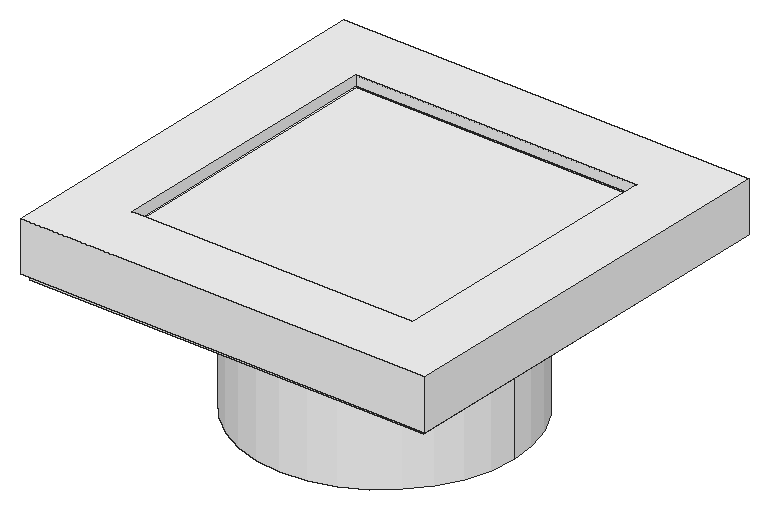
Revit family "Gira_0126005", category Electrical Fixtures, host Face, Revit 2017
Family settings
  Host = Face
  Maintain Annotation Orientation = Yes
  Round Connector Dimension = Use Diameter
  Part Type = Normal
  Cut with Voids When Loaded = No
  Shared = No
  Room Calculation Point = No
Parameters (values of type "Tastschalter AusWe System 55 Schwarz m")
  Zusammenstellung = "Basiselement mit zentraler Abdeckplatte"
  White [instance] = White
  Werkstoffgüte = "Thermoplast"
  Werkstoff = "sonstige"
  Waschmaschinenschalter = "No"
  URL = "http://katalog.gira.de/de_DE/datenblatt.html?artikelnr=0126005"
  Textfeld/Beschriftungsfläche = "nein"
  Tastschalter = "Yes"
  Schaltungsart = "Wechselschalter"
  Rückmeldekontakt = "No"
  Region = "DE"
  Oberfläche = "sonstige"
  Nennspannung = "250 Volt"
  Name = "Tastschalter AusWe System 55 Schwarz m"
  Montageart = "unter Putz"
  Model = "Sys55_Komplettgerät_Schalten und Tasten"
  Mit Montageplatte = "No"
  Manufacturer URL = "https://www.gira.de/"
  HeinzeBIM = "https://bimportal.heinze.de/bim/tastschalter-auswe-system-55-schwarz-m/dc7384aa6f52439389003ff86516f44fbe8f3ab8"
  Halogenfrei = "Yes"
  HAN = "0126005"
  Geeignet für Schutzart (IP) = "IP20"
  GTIN = "4010337037965"
  Farbe = "schwarz"
  Default Elevation = 1219.2 mm
  Data sheet (1) = "https://katalog.gira.de/de_DE/download.html?artikelnr=0126005"
  Category = "Installationsschalter"
  Bemessungsstrom = "10 Ampere"
  Beleuchtung = "nein"
  Befestigungsart = "Krallen-/Schraubbefestigung"
  Bedienungsart = "Wippe/Taste"
  Available = "Yes"
  Ausführung der Oberfläche = "matt"
  Anzahl der Module (bei Modulbauweise) = "1 "
  Anzahl der Betätigungswippen = "1 "
  Anschlussart = "Steckklemme"
Reference planes
  plane 1 "Center (Front/Back)": y = 0
  plane 2: z = 0
  plane 3 "Center (Left/Right)": x = 0
Forms (mm)
  Extrusion 1, solid, material "White" <- "White", detail levels medium
    sketch origin (0, 0, 0) x (1, 0, 0) y (0, 1, 0)
      loop
        line (-40.4, 40.4) -> (-40.4, -40.4) -> (40.4, -40.4) -> (40.4, 40.4) -> (-40.4, 40.4)
      loop
        line (-28, 28) -> (-28, -28) -> (28, -28) -> (28, 28) -> (-28, 28)
    from 0 to 10
  Extrusion 2, solid, material "White" <- "White", detail levels fine
    sketch origin (0, 0, 0) x (1, 0, 0) y (0, 1, 0)
      loop
        line (-40.4, 40.4) -> (-40.4, -40.4) -> (40.4, -40.4) -> (40.4, 40.4) -> (-40.4, 40.4)
      loop
        line (-28, 28) -> (-28, -28) -> (28, -28) -> (28, 28) -> (-28, 28)
    from 0 to 10
  Extrusion 3, void
    sketch origin (0, 0, 0) x (1, 0, 0) y (0, 1, 0)
      loop
        line (-38.4, 38.4) -> (-38.4, -38.4) -> (38.4, -38.4) -> (38.4, 38.4) -> (-38.4, 38.4)
    from 0 to 8
  Extrusion 4, solid, material "White" <- "White", detail levels medium+fine
    sketch origin (0, 0, 0) x (1, 0, 0) y (0, 1, 0)
      loop
        line (-39.4, 39.4) -> (-39.4, -39.4) -> (39.4, -39.4) -> (39.4, 39.4) -> (-39.4, 39.4)
    from 0 to -1
  Extrusion 5, solid, material "White" <- "White", detail levels medium+fine
    sketch origin (0, 0, 0) x (1, 0, 0) y (0, 1, 0)
      loop
        line (-35.5, 35.5) -> (-35.5, -35.5) -> (35.5, -35.5) -> (35.5, 35.5) -> (-35.5, 35.5)
    from -2 to -3
  Extrusion 6, solid, material "White" <- "White", detail levels medium+fine
    sketch origin (0, 0, 0) x (1, 0, 0) y (0, 1, 0)
      loop
        circle (0, 0) r 26
    from 0 to -27.5
  Extrusion 7, solid, material "White" <- "White", detail levels coarse
    sketch origin (0, 0, 0) x (1, 0, 0) y (0, 1, 0)
      loop
        line (-40.4, 40.4) -> (-40.4, -40.4) -> (40.4, -40.4) -> (40.4, 40.4) -> (-40.4, 40.4)
    from -27.5 to 10
Cuts and joins
  Extrusion 3 cuts Extrusion 2
Dimensions and locks
  aligned and locked: plane 2 to host face
  aligned and locked: level to host face
  aligned and locked: plane 3 "Center (Left/Right)" to nested 2
  aligned and locked: plane 1 "Center (Front/Back)" to nested 2
Nested families
  nested 1: "Sys55_Abdeckung_Schalten und Tasten_floor_base" at (0, 0, 0), type "Sys55_Abdeckung_Schalten und Tasten_floor_base"
  nested 2: "Schalter" at (0, 0, 0), type "Schalter"
Connectors
  electrical at (0, 0, -27.5)
    settings: on Extrusion 6, index 1, voltage 220 V, apparent load 0 VA, apparent load phase1 0 VA, apparent load phase2 0 VA, apparent load phase3 0 VA, power factor 1, load classification "Other", number of poles 1, system type 30, power factor state 1, is connector primary yes, connector utility no, sub classification motor no, connector description ""
Definition of nested family "Sys55_Abdeckung_Schalten und Tasten_floor_base"
  Parameters
    Default Elevation = 1219.2 mm
    White [instance] = none
  Reference planes
    plane 1 "Center (Front/Back)": y = 0
    plane 2: z = 0
    plane 3 "Center (Left/Right)": x = 0
  Forms (mm)
    Extrusion 1, solid
      sketch origin (0, 0, 0) x (1, 0, 0) y (0, 1, 0)
        loop
          line (-1219.2, 1219.2) -> (-1219.2, -1219.2) -> (1219.2, -1219.2) -> (1219.2, 1219.2) -> (-1219.2, 1219.2)
      from 0 to -304.8
    Extrusion 2, solid, material <- "White", detail levels fine
      sketch origin (0, 0, 0) x (1, 0, 0) y (0, 1, 0)
        loop
          line (-27.5, 27.5) -> (-27.5, -27.5) -> (27.5, -27.5) -> (27.5, 27.5) -> (-27.5, 27.5)
      from 0 to 8
    Extrusion 3, void
      sketch origin (0, 0, 0) x (1, 0, 0) y (0, 1, 0)
        loop
          line (26, 26) -> (-26, 26) -> (-26, -26) -> (26, -26) -> (26, 26)
      from 0 to 6
    Extrusion 4, solid, material <- "White", detail levels medium
      sketch origin (0, 0, 0) x (1, 0, 0) y (0, 1, 0)
        loop
          line (-27.5, 27.5) -> (-27.5, -27.5) -> (27.5, -27.5) -> (27.5, 27.5) -> (-27.5, 27.5)
      from 0 to 8
    Extrusion 5, solid, material <- "White", detail levels medium
      sketch origin (0, 0, 0) x (1, 0, 0) y (0, 1, 0)
        loop
          line (11, -17.5) -> (11, 17.5) -> (-11, 17.5) -> (-11, -17.5) -> (11, -17.5)
      from -6 to 6
    Extrusion 6, solid, material <- "White", detail levels fine
      sketch origin (0, 0, 0) x (1, 0, 0) y (0, 1, 0)
        loop
          line (11, 17.5) -> (-11, 17.5) -> (-11, 16.5) -> (11, 16.5) -> (11, 17.5)
        loop
          line (-11, -16.5) -> (-11, -17.5) -> (11, -17.5) -> (11, -16.5) -> (-11, -16.5)
      from -4 to 6
    Extrusion 7, solid, material <- "White", detail levels fine
      sketch origin (0, 0, 0) x (1, 0, 0) y (0, 1, 0)
        loop
          arc (5, 9.347) -> (0, 10.6) -> (-5, 9.347) r 10.6
          line (-5, 9.347) -> (-5, -9.347)
          arc (-5, -9.347) -> (0, -10.6) -> (5, -9.347) r 10.6
          line (5, -9.347) -> (5, 9.347)
      from -6 to 6
    Extrusion 8, solid, material <- "White", detail levels coarse
      sketch origin (0, 0, 0) x (1, 0, 0) y (0, 1, 0)
        loop
          line (-27.5, 27.5) -> (-27.5, -27.5) -> (27.5, -27.5) -> (27.5, 27.5) -> (-27.5, 27.5)
      from -6 to 8
  Cuts and joins
    Extrusion 3 cuts Extrusion 2
  Dimensions and locks
    aligned and locked: plane 2 to Extrusion 1
    aligned and locked: level to Extrusion 1
Definition of nested family "Schalter"
  Reference planes
    plane 1: y = 0
    plane 2: x = 0
  Lines and regions (mm)
    detail lines
      curve 1: circle (1.375, 2.778, 0) r 0.8 normal (0, 0, 1)
      curve 2: line (1.021, 2.061, 0) -> (0, 0, 0)
      curve 3: line (0, 0, 0) -> (-0.538, 0.266, 0)
  Dimensions and locks
    curve 2 to curve 2 = 2.3 mm
    curve 3 to curve 2 = 0.6 mm
    radius of curve 1 = 0.8 mm
